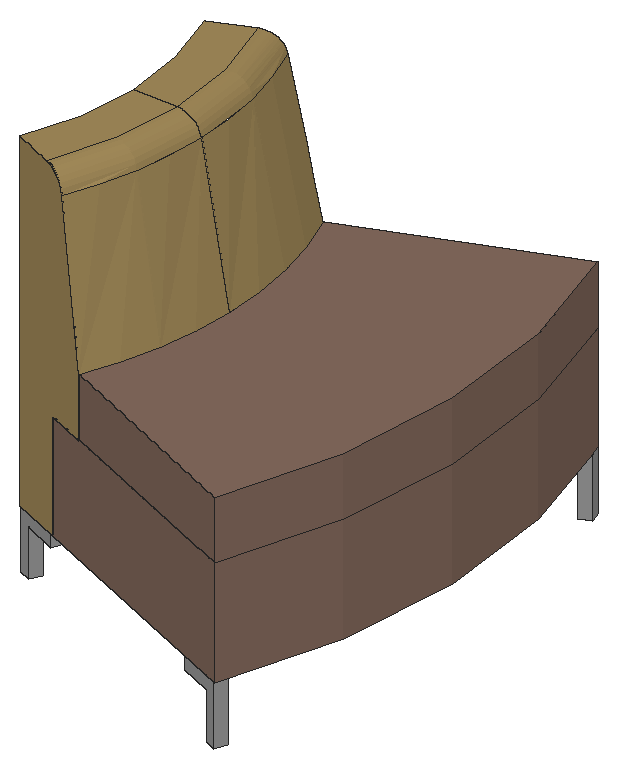
Revit family "Furniture_Chair_Abaco 760", category Furniture, Revit 2019
Family settings
  OmniClass Number = 23.21.23.15.17
  Work Plane-Based = Yes
  Always vertical = No
  Cut with Voids When Loaded = No
  Shared = No
  Room Calculation Point = No
Parameters (values of type "ABACO 760")
  Youtube clip = ""
  Uniformat II Description = "Movable Furnishings"
  Uniformat II Code = ""
  Uniclass 2015 Name = ""
  Uniclass 2015 Code = ""
  Uniclass 2.0 Description = ""
  Uniclass 2.0 Code = ""
  Uniclass 1.4 Description = ""
  Uniclass 1.4 Code = ""
  UNSPSC Code = ""
  Technical description = ""
  Shell Material = Leather - Percentage AK016
  Frame Material = Titanium
  Region South America = "All"
  Region Oceania = "All"
  Region North America = "All"
  Region Middle East = "All"
  Region Europe = "All"
  Region Asia = "All"
  Region Antarctica = "All"
  Region Africa = "All"
  QR code = "https://www.sandlerseating.com/product/abaco-760/"
  Product url = "https://www.sandlerseating.com/product/abaco-760/"
  Product name = "ABACO 760"
  Product group = "Chair"
  Product family = "Furniture"
  Product data url = "https://www.sandlerseating.com/product/abaco-760/"
  Product certification = ""
  Product SKU = "??"
  Product Guid = "??"
  OmniClass Description = ""
  OmniClass Code = "23-21 23 15 17"
  NBS Reference Description = ""
  NBS Reference Code = ""
  Model = "ABACO 760"
  Masterformat 2014 Description = "Chair Mats"
  Masterformat 2014 Code = "12 48 43.13"
  Manufacturer name = "Sandler"
  Manufacturer country = "USA"
  Manufacturer = "Sandler"
  Installation instructions = ""
  IFC Classification = "Furnishing Element"
  GTIN code = ""
  Edition number = 1
  Design country = "Brasil"
  Description = "Chair"
  Default Elevation = 0.000 mm
  Date of publishing = ""
  COBIe Type Category = ""
  Brand url = "https://www.sandlerseating.com/"
  Back Material = Leather - Goldhawk MLF31
  BIMobject main category code = "furniture"
  BIMobject main category = "Furniture"
  BIMobject category code = "furniture-chair"
  BIMobject category = "Chair"
Reference planes
  plane 1 "Center Front/Back": y = 0
  plane 2: z = 0
  plane 3 "Center Left/Right": x = 0
Forms (mm)
  Extrusion 1, solid, material "Leather - Percentage AK016" <- "Shell Material"
    sketch origin (0, 0, 840) x (-1, 0, 0) y (0, -1, 0)
      loop
        line (174.692, 309.233) -> (-244.018, 486.965)
        arc (-244.018, 486.965) -> (-338.104, -2.861) -> (-241.875, -492.27) r 1307.219
        line (-241.875, -492.27) -> (179.666, -320.912)
        arc (179.666, -320.912) -> (112.884, -6.347) -> (174.692, 309.233) r 804.168
    from -500 to -380
  Extrusion 2, solid, material "Titanium" <- "Frame Material"
    sketch origin (92.712, 75.887, 0) x (-0.920505, -0.390731, 0) y (0, 0, 1)
      loop
        line (-300, 121.004) -> (-300, 0) -> (-275, 0) -> (-275, 95) -> (-200, 95) -> (-200, 121.004) -> (-300, 121.004)
    from 300 to 325
  Extrusion 3, void
    sketch origin (0, 0, 840) x (0, 1, 0) y (-1, 0, 0)
      loop
        arc (0, 2276.331) -> (-1283.481, 1217.098) -> (-486.965, -244.018) r 1307.219
        line (-486.965, -244.018) -> (-192.164, 450.491) -> (210.821, 450.491) -> (492.27, -241.875)
        arc (492.27, -241.875) -> (1282.935, 1219.906) -> (0, 2276.331) r 1307.219
    from -840 to 250
  Extrusion 4, solid, material "Leather - Percentage AK016" <- "Shell Material"
    sketch origin (0, 0, 0) x (0, -1, 0) y (1, 0, 0)
      loop
        line (-492.27, 241.875) -> (-287.378, -262.161)
        arc (-287.378, -262.161) -> (-7.029, -201.914) -> (274.449, -256.638) r 715.148
        line (274.449, -256.638) -> (486.965, 244.018)
        arc (486.965, 244.018) -> (-2.861, 338.104) -> (-492.27, 241.875) r 1307.219
    from 121.004 to 340
  Extrusion 5, solid, material "Titanium" <- "Frame Material"
    sketch origin (46.978, -48.663, 0) x (0.920505, -0.390731, 0) y (0, 0, 1)
      loop
        line (-300, 121.004) -> (-300, 0) -> (-275, 0) -> (-275, 95) -> (-200, 95) -> (-200, 121.004) -> (-300, 121.004)
    from 300 to 325
  Extrusion 6, solid, material "Titanium" <- "Frame Material"
    sketch origin (92.712, -69.29, 0) x (-0.920505, 0.390731, 0) y (0, 0, -1)
      loop
        line (-300, -121.004) -> (-200, -121.004) -> (-200, -95) -> (-275, -95) -> (-275, 0) -> (-300, 0) -> (-300, -121.004)
    from 300 to 325
  Revolve 7, solid, material "Leather - Goldhawk MLF31" <- "Back Material"
    sketch origin (-1.532, 0, 0) x (1, 0, 0) y (0, 0, 1)
      loop
        line (-310.054, 797.673) -> (-310.054, 121.004) -> (-201.879, 121.004) -> (-201.879, 337.673) -> (-112.859, 337.673) -> (-112.859, 457.673) -> (-171.084, 757.213)
        arc (-171.084, 757.213) -> (-188.361, 786.254) -> (-220.165, 797.673) r 50
        line (-220.165, 797.673) -> (-310.054, 797.673)
      axis (-917.027, 121.004) -> (-917.027, 797.673)
    angle from 0 to 360
  Extrusion 8, solid, material "Titanium" <- "Frame Material"
    sketch origin (46.978, 63.663, 0) x (0.920505, 0.390731, 0) y (0, 0, -1)
      loop
        line (-300, -121.004) -> (-200, -121.004) -> (-200, -95) -> (-275, -95) -> (-275, 0) -> (-300, 0) -> (-300, -121.004)
    from 300 to 325
Cuts and joins
  Extrusion 3 cuts Revolve 7
Dimensions and locks
  aligned and locked: level to plane 2
